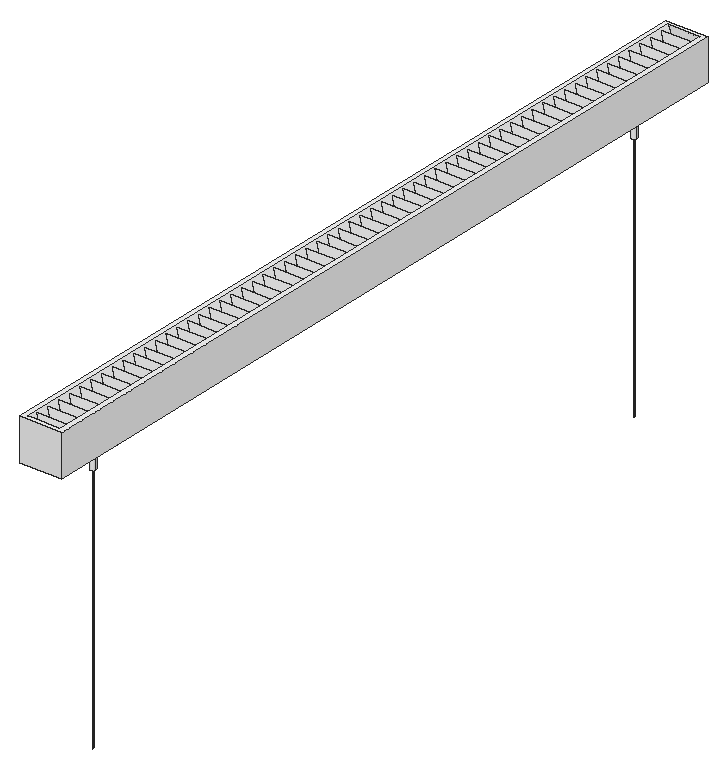
Revit family "Lighting_Pendants_Fagerhult_Notor-65-Beta-Opti_Face", category Lighting Fixtures, host Face, Revit 2016
Family settings
  Host = Face
  Part Type = Normal
  Round Connector Dimension = Use Diameter
  OmniClass Number = 23.80.70.11
  OmniClass Title = Luminaries for Internal Lighting
  Cut with Voids When Loaded = No
  Light Source = Yes
  Shared = No
  Room Calculation Point = No
Parameters (values of type "Reload with Family Catalog")
  Youtube clip = "https://vimeo.com/200646173"
  Width = 65.000 mm
  Weight Net (Kg) = "0"
  Weight (Kg) = 0
  Wattage = 9.2903 W
  built-in parameter 1150110 = 1 (stored number, unit not read)
  Voltage = 230 V
  Uniformat II Description = "Lighting & Branch Wiring"
  Uniformat II Code = "D5020"
  Uniclass 2015 Name = "Light-emitting diode (LED) lamps"
  Uniclass 2015 Code = "Pr_70_70_46_44"
  Uniclass 2.0 Description = "Luminaires And Lamps"
  Uniclass 2.0 Code = "PR-49"
  Uniclass 1.4 Description = "Luminaires and lamps"
  Uniclass 1.4 Code = "JY73"
  URL = "www.fagerhult.com"
  UNSPSC Code = "3911"
  built-in parameter 1114217 = 1 (stored number, unit not read)
  Tilt Angle = -90.00°
  built-in parameter 1150109 = 1 (stored number, unit not read)
  built-in parameter 1150134 = 3
  Technical description = "https://www.fagerhult.com/Products/notor/notor-65-beta-opti/"
  Sus Position [instance] = 100.000 mm
  Region South America = "AR"
  Region Oceania = "AS, AU, NZ"
  Region North America = "BB, GL, GT, US"
  Region Middle East = "AE, AF, BH, EG, IL, KW, LB, OM, QA, SA, TR"
  Region Europe = "AT, AX, BA, BE, BG, CH, CZ, DE, DK, EE, ES, FI, FO, FR, GB, GR, HR, HU, IE, IS, IT, LT, LU, LV, MT, NL, NO, PL, PT, RO, RU, SE, SI, SK, UA"
  Region Asia = "AM, CN, IN, JP, KR, LA, MO, MY, SG, TW"
  Region Antarctica = "None"
  Region Africa = "BF, ER, ET, NG, ZA"
  QR code = "http://bimobject.com/fagerhult/product/Notor-65-Beta-Opti"
  Product url = "https://www.fagerhult.com/Products/notor/notor-65-beta-opti/"
  Product group = "Pendant"
  Product family = "Indoor"
  Product data url = "https://bimobject.com/fagerhult/product/Notor-65-Beta-Opti"
  Product certification = ""
  Product SKU = "Notor-65-Beta-Opti"
  Product Guid = "13e7c37b-4238-40f4-9f30-5d6fe9a7ee4a"
  Photometric File Note = "The .IES files provided are sample files based on a few standard configurations.  Not all photometric configurations are available.   The actual data and values will vary depending on lens, color temperature and other options.  Please visit www.fagerhult.com for more defined photometric data."  # constant formula
  Pend. Height [instance] = if(Pendant Height < 65.000 mm, 65.000 mm, Pendant Height)  # 500.000 mm
  built-in parameter 1150113 = 1 (stored number, unit not read)
  Photometric Web File = "GENERIC - Please download and link the .IES file that best matches your fixture specification"
  Pendant Height [instance] = 500.000 mm
  OmniClass Description = "Lighting Fixtures"
  OmniClass Code = "23-35 47 11"
  Nr of Lamells = 59
  built-in parameter 1150142 = (empty or 0)
  Nominal width = 0.000 mm
  Nominal height = 0.000 mm
  NBS Reference Description = "Luminaires And Lamps"
  NBS Reference Code = "49"
  Model = "Notor 65 Beta Opti"
  Material secondary = "Acrylic"
  Material main = "Aluminium"
  Masterformat 2014 Description = "Interior Lighting Fixtures, Lamps, And Ballasts"
  Masterformat 2014 Code = "26 51 13"
  Manufacturer name = "Fagerhult"
  Manufacturer country = "Sweden"
  Manufacturer = "Fagerhult"
  built-in parameter 1150105 = 109.82 (stored number, unit not read)
  Lumens = 1380 lm
  built-in parameter 1150115 = 1 (stored number, unit not read)
  Louvre = Aluminium - Fagerhult - BetaOpti - Satin matt
  Load Classification = Lighting
  built-in parameter 1150137 = (empty or 0)
  built-in parameter 1150139 = (empty or 0)
  Length = 1267.000 mm
  built-in parameter 1150112 = 1 (stored number, unit not read)
  built-in parameter 1150114 = 1 (stored number, unit not read)
  Lamp = ""
  Lamells = if(Length > 2000.000 mm, 118, Nr of Lamells)  # 59
  Installation instructions = "https://www.fagerhult.com/globalassets/inriverresources/instructionforuse/notor65_instruction_for_use.pdf"
  built-in parameter 1150132 = (empty or 0)
  built-in parameter 1150102 = (empty or 0)
  built-in parameter 1150107 = 3200 (stored number, unit not read)
  built-in parameter 1150138 = (empty or 0)
  built-in parameter 1150106 = 1.0982 (stored number, unit not read)
  IP Code = "Reload with Family Catalog"
  IFC Classification = "Light Fixture"
  Height = 65.000 mm
  Emit from Line Length = 609.600 mm
  built-in parameter 1150104 = 13.8 (stored number, unit not read)
  Edition number = 1
  EAN_Code = "Reload with Family Catalog"
  EAN code = ""
  Dimming Lamp Color Temperature Shift = (empty or 0)
  Design country = "Sweden"
  Description = "Reload with Family Catalog"
  Default Elevation = 1219.200 mm
  Date of publishing = ""
  Color Rendering Index = "min. 80"
  Color Filter = 16777215
  Color = "Reload with Family Catalog"
  COBIe Type Category = ""
  Brand url = "http://www.fagerhult.com"
  Body = Aluminium - Fagerhult - White
  built-in parameter 1114218 = 1 (stored number, unit not read)
  BIMobject main category code = "lighting"
  BIMobject main category = "Lighting"
  BIMobject category code = "lighting-pendants"
  BIMobject category = "Pendants"
  built-in parameter 1150133 = 10 (stored number, unit not read)
  Assembly Code = "D5020230"
  Article Number = "Reload with Family Catalog"
  Apparent Load = 23 VA
Reference planes
  plane 1 "Center (Front/Back)": y = 0
  plane 2: z = 0
  plane 3 "Center (Left/Right)": x = 0
  plane 4: y = 633.5
  plane 5: y = -633.5
  plane 6 "riktning": z = 500
  plane 7 "Top back": z = 435
  plane 8 "Void 1": y = 627
  plane 9 "Void2": y = -627
  plane 10 "Void height": z = 473.811
  plane 11 "Void Width left": x = -25
  plane 12: x = 25
  plane 13 "Lamell": z = 480.967
  plane 14 "First lamell": y = -615.158
  plane 15 "Last lamell": y = 615.049
  plane 16 "Light Left": x = -8
  plane 17 "Light Right": x = 8
  plane 18: x = 32.5
  plane 19: x = -32.5
  plane 20: y = -533.5
  plane 21: y = 533.5
Forms (mm)
  Extrusion 1, solid, material "Aluminium - Fagerhult - White" <- "Body", detail levels medium+fine
    sketch origin (0, 0, 1998.584) x (-1, 0, 0) y (0, 0, -1)
      loop
        line (-32.5, 1563.584) -> (-32.5, 1498.584) -> (32.5, 1498.584) -> (32.5, 1563.584) -> (-32.5, 1563.584)
    from -633.5 to 633.5
  Extrusion 2, void, detail levels fine
    sketch origin (0, 0, 1107.5) x (-1, 0, 0) y (0, 0, -1)
      loop
        line (-25, 607.5) -> (-25, 606.084) -> (25, 606.084) -> (25, 607.5) -> (14.335, 633.689) -> (-14.335, 633.689) -> (-25, 607.5)
    from -627 to 627
  Extrusion 3, solid, detail levels fine
    sketch origin (0, 0, 473.811) x (-1, 0, 0) y (0, -1, 0)
      loop
        line (8, 627) -> (-8, 627) -> (-8, -627) -> (8, -627) -> (8, 627)
    from 0 to 1
  Extrusion 4, solid, detail levels coarse
    sketch origin (0, 0, 500) x (0, -1, 0) y (1, 0, 0)
      loop
        line (-633.5, -32.5) -> (633.5, -32.5) -> (633.5, 32.5) -> (-633.5, 32.5) -> (-633.5, -32.5)
    from -65 to 0
Cuts and joins
  Extrusion 2 cuts Extrusion 1
Lines and regions (mm)
  symbolic lines
    curve 1: line (70.711, -70.711, 500) -> (-70.711, 70.711, 500)
    curve 2: line (-70.711, -70.711, 500) -> (70.711, 70.711, 500)
Dimensions and locks
  equal spacing: plane 4, plane 1 "Center (Front/Back)", plane 5
  "Length": plane 4 to plane 5
  "Height": plane 6 "riktning" to plane 7 "Top back"
  "Pend. Height": plane 6 "riktning" to level
  locked: plane 5 to plane 9 "Void2" at 6.5
  locked: plane 8 "Void 1" to plane 4 at 6.5
  locked: plane 6 "riktning" to plane 10 "Void height" at 26.189
  locked: plane 13 "Lamell" to plane 10 "Void height" at 7.156
  equal spacing: group 1, group 3, group 4, group 5, group 6, group 7, group 8, group 9, group 10, group 11, group 12, group 13, group 14, group 15, group 16, group 17, group 18, group 19, group 20, group 21, group 22, group 23, group 24, group 25, group 26, group 27, group 28, group 29, group 30, group 31, group 32, group 33, group 34, group 35, group 36, group 37, group 38, group 39, group 40, group 41, group 42, group 43, group 44, group 45, group 46, group 47, group 48, group 49, group 50, group 51, group 52, group 53, group 54, group 55, group 56, group 57, group 58, group 59, group 2  (x3)
  locked: plane 5 to plane 14 "First lamell" at 18.342
  locked: plane 4 to plane 15 "Last lamell" at 18.451
  equal spacing: plane 16 "Light Left", plane 3 "Center (Left/Right)", plane 17 "Light Right"
  equal spacing: plane 19, plane 3 "Center (Left/Right)", plane 18
  "Width": plane 19 to plane 18
  "Sus Position": plane 5 to plane 20
  "Sus Position": plane 4 to plane 21
  aligned and locked: plane 2 to host face
  aligned and locked: level to host face
  aligned and locked: plane 4 to Extrusion 1
  aligned and locked: plane 5 to Extrusion 1
  aligned and locked: plane 8 "Void 1" to cut or joined group of Extrusion 1, Extrusion 2
  aligned and locked: cut or joined group of Extrusion 1, Extrusion 2 to plane 9 "Void2"
  aligned and locked: cut or joined group of Extrusion 1, Extrusion 2 to plane 7 "Top back"
  aligned and locked: plane 6 "riktning" to cut or joined group of Extrusion 1, Extrusion 2
  aligned and locked: plane 10 "Void height" to cut or joined group of Extrusion 1, Extrusion 2
  aligned and locked: plane 12 to cut or joined group of Extrusion 1, Extrusion 2
  aligned and locked: plane 11 "Void Width left" to cut or joined group of Extrusion 1, Extrusion 2
  aligned and locked: plane 14 "First lamell" to nested 1
  aligned and locked: nested 2 to plane 15 "Last lamell"
  aligned and locked: nested 1 to plane 13 "Lamell"
  aligned and locked: nested 2 to plane 13 "Lamell"
  aligned and locked: Extrusion 3 to plane 9 "Void2"
  aligned and locked: Extrusion 3 to plane 17 "Light Right"
  aligned and locked: Extrusion 3 to plane 16 "Light Left"
  aligned and locked: plane 8 "Void 1" to Extrusion 3
  aligned and locked: plane 18 to cut or joined group of Extrusion 1, Extrusion 2
  aligned and locked: plane 19 to cut or joined group of Extrusion 1, Extrusion 2
  aligned and locked: cut or joined group of Extrusion 1, Extrusion 2 to imposter light
  aligned and locked: plane 3 "Center (Left/Right)" to imposter light
  aligned and locked: plane 18 to Extrusion 4
  aligned and locked: plane 19 to Extrusion 4
  aligned and locked: plane 4 to Extrusion 4
  aligned and locked: plane 5 to Extrusion 4
  aligned and locked: plane 6 "riktning" to Extrusion 4
  aligned and locked: Extrusion 4 to plane 7 "Top back"
Automatic sketch dimensions
  host sketch curve to host sketch curve = 2438.400 mm  (x2)
  plane 6 "riktning" to Extrusion 1 sketch curve = 0.000 mm
  Extrusion 1 sketch curve to Extrusion 1 sketch curve = 65.000 mm
  plane 3 "Center (Left/Right)" to Extrusion 2 sketch curve = 14.335 mm
  Extrusion 2 sketch curve to plane 3 "Center (Left/Right)" = 14.335 mm
  plane 6 "riktning" to Extrusion 2 sketch curve = 1.416 mm
  Extrusion 2 sketch curve to Extrusion 2 sketch curve = 1.416 mm  (x2)
  Extrusion 2 sketch curve to Extrusion 2 sketch curve = 26.189 mm
  Extrusion 3 sketch curve to plane 9 "Void2" = 0.000 mm
  Extrusion 3 sketch curve to plane 17 "Light Right" = 0.000 mm
  Extrusion 3 sketch curve to plane 8 "Void 1" = 0.000 mm
  Extrusion 3 sketch curve to plane 16 "Light Left" = 0.000 mm
  Extrusion 1 sketch curve to plane 18 = 0.000 mm
  Extrusion 2 sketch curve to plane 12 = 0.000 mm
  plane 19 to Extrusion 1 sketch curve = 0.000 mm
  Extrusion 2 sketch curve to plane 11 "Void Width left" = 0.000 mm
  curve 1 to plane 1 "Center (Front/Back)" = 70.711 mm
  plane 19 to curve 1 = 38.211 mm
  curve 2 to plane 1 "Center (Front/Back)" = 70.711 mm
  plane 1 "Center (Front/Back)" to curve 2 = 70.711 mm
  plane 1 "Center (Front/Back)" to curve 1 = 70.711 mm
  plane 19 to curve 2 = 38.211 mm
  plane 18 to curve 2 = 38.211 mm
  plane 18 to curve 1 = 38.211 mm
  Extrusion 4 sketch curve to plane 4 = 0.000 mm
  plane 5 to Extrusion 4 sketch curve = 0.000 mm
  Extrusion 4 sketch curve to plane 19 = 0.000 mm
  Extrusion 4 sketch curve to plane 18 = 0.000 mm
Nested families
  nested 1: "Lamell" at (0, -615.158, 480.967), type "Lamell", detail levels fine
  nested 2: "Lamell" at (0, 609.049, 480.967), type "Lamell", detail levels fine
  nested 3: "Lamell" at (0, -594.051, 480.967), type "Lamell", detail levels fine
  nested 4: "Lamell" at (0, -572.944, 480.967), type "Lamell", detail levels fine
  nested 5: "Lamell" at (0, -551.837, 480.967), type "Lamell", detail levels fine
  nested 6: "Lamell" at (0, -530.73, 480.967), type "Lamell", detail levels fine
  nested 7: "Lamell" at (0, -509.623, 480.967), type "Lamell", detail levels fine
  nested 8: "Lamell" at (0, -488.516, 480.967), type "Lamell", detail levels fine
  nested 9: "Lamell" at (0, -467.409, 480.967), type "Lamell", detail levels fine
  nested 10: "Lamell" at (0, -446.302, 480.967), type "Lamell", detail levels fine
  nested 11: "Lamell" at (0, -425.195, 480.967), type "Lamell", detail levels fine
  nested 12: "Lamell" at (0, -404.088, 480.967), type "Lamell", detail levels fine
  nested 13: "Lamell" at (0, -382.981, 480.967), type "Lamell", detail levels fine
  nested 14: "Lamell" at (0, -361.874, 480.967), type "Lamell", detail levels fine
  nested 15: "Lamell" at (0, -340.767, 480.967), type "Lamell", detail levels fine
  nested 16: "Lamell" at (0, -319.659, 480.967), type "Lamell", detail levels fine
  nested 17: "Lamell" at (0, -298.552, 480.967), type "Lamell", detail levels fine
  nested 18: "Lamell" at (0, -277.445, 480.967), type "Lamell", detail levels fine
  nested 19: "Lamell" at (0, -256.338, 480.967), type "Lamell", detail levels fine
  nested 20: "Lamell" at (0, -235.231, 480.967), type "Lamell", detail levels fine
  nested 21: "Lamell" at (0, -214.124, 480.967), type "Lamell", detail levels fine
  nested 22: "Lamell" at (0, -193.017, 480.967), type "Lamell", detail levels fine
  nested 23: "Lamell" at (0, -171.91, 480.967), type "Lamell", detail levels fine
  nested 24: "Lamell" at (0, -150.803, 480.967), type "Lamell", detail levels fine
  nested 25: "Lamell" at (0, -129.696, 480.967), type "Lamell", detail levels fine
  nested 26: "Lamell" at (0, -108.589, 480.967), type "Lamell", detail levels fine
  nested 27: "Lamell" at (0, -87.482, 480.967), type "Lamell", detail levels fine
  nested 28: "Lamell" at (0, -66.375, 480.967), type "Lamell", detail levels fine
  nested 29: "Lamell" at (0, -45.268, 480.967), type "Lamell", detail levels fine
  nested 30: "Lamell" at (0, -24.161, 480.967), type "Lamell", detail levels fine
  nested 31: "Lamell" at (0, -3.054, 480.967), type "Lamell", detail levels fine
  nested 32: "Lamell" at (0, 18.053, 480.967), type "Lamell", detail levels fine
  nested 33: "Lamell" at (0, 39.16, 480.967), type "Lamell", detail levels fine
  nested 34: "Lamell" at (0, 60.267, 480.967), type "Lamell", detail levels fine
  nested 35: "Lamell" at (0, 81.374, 480.967), type "Lamell", detail levels fine
  nested 36: "Lamell" at (0, 102.481, 480.967), type "Lamell", detail levels fine
  nested 37: "Lamell" at (0, 123.588, 480.967), type "Lamell", detail levels fine
  nested 38: "Lamell" at (0, 144.695, 480.967), type "Lamell", detail levels fine
  nested 39: "Lamell" at (0, 165.802, 480.967), type "Lamell", detail levels fine
  nested 40: "Lamell" at (0, 186.909, 480.967), type "Lamell", detail levels fine
  nested 41: "Lamell" at (0, 208.016, 480.967), type "Lamell", detail levels fine
  nested 42: "Lamell" at (0, 229.123, 480.967), type "Lamell", detail levels fine
  nested 43: "Lamell" at (0, 250.23, 480.967), type "Lamell", detail levels fine
  nested 44: "Lamell" at (0, 271.337, 480.967), type "Lamell", detail levels fine
  nested 45: "Lamell" at (0, 292.444, 480.967), type "Lamell", detail levels fine
  nested 46: "Lamell" at (0, 313.551, 480.967), type "Lamell", detail levels fine
  nested 47: "Lamell" at (0, 334.658, 480.967), type "Lamell", detail levels fine
  nested 48: "Lamell" at (0, 355.765, 480.967), type "Lamell", detail levels fine
  nested 49: "Lamell" at (0, 376.872, 480.967), type "Lamell", detail levels fine
  nested 50: "Lamell" at (0, 397.979, 480.967), type "Lamell", detail levels fine
  nested 51: "Lamell" at (0, 419.086, 480.967), type "Lamell", detail levels fine
  nested 52: "Lamell" at (0, 440.193, 480.967), type "Lamell", detail levels fine
  nested 53: "Lamell" at (0, 461.3, 480.967), type "Lamell", detail levels fine
  nested 54: "Lamell" at (0, 482.407, 480.967), type "Lamell", detail levels fine
  nested 55: "Lamell" at (0, 503.514, 480.967), type "Lamell", detail levels fine
  nested 56: "Lamell" at (0, 524.621, 480.967), type "Lamell", detail levels fine
  nested 57: "Lamell" at (0, 545.728, 480.967), type "Lamell", detail levels fine
  nested 58: "Lamell" at (0, 566.835, 480.967), type "Lamell", detail levels fine
  nested 59: "Lamell" at (0, 587.942, 480.967), type "Lamell", detail levels fine
  nested 60: "Fittings" at (0, 319.603, 0) x (0, -1, 0) z (0, 0, 1), Susp Height <- "Pend. Height", type "Fittings", detail levels fine
    with Susp Height 500.000 mm
  nested 61: "Fittings" at (0, 1380.397, 0) x (0, -1, 0) z (0, 0, 1), Susp Height <- "Pend. Height", type "Fittings", detail levels fine
    with Susp Height 500.000 mm
Connectors
  electrical at (0, 0, 435), driven by "Apparent Load", driven by "Load Classification", driven by "Voltage", driven by "Model"
    settings: index 1, voltage 230 V, apparent load 0 VA, apparent load phase1 23 VA, apparent load phase2 0 VA, apparent load phase3 0 VA, power factor 1, load classification "Lighting", number of poles 1, system type 31, power factor state 1, is connector primary yes, connector utility no, sub classification motor no, connector description "Notor 65 Beta Opti"
Definition of nested family "Lamell"
  Parameters (values of type "Lamell")
    Width = 50.000 mm
    Body = none
  Reference planes
    plane 1 "Center (Front/Back)": y = 0
    plane 2: z = 0
    plane 3 "Center (Left/Right)": x = 0
    plane 4 "Left": x = -25
    plane 5 "Right": x = 25
  Forms (mm)
    Extrusion 1, solid, material <- "Body", detail levels fine
      sketch origin (0, 0, 0) x (0, 1, 0) y (0, 0, 1)
        loop
          line (0, 0) -> (6, 0) -> (3, 17.841) -> (0, 0)
      from -25 to 25
  Dimensions and locks
    equal spacing: plane 4 "Left", plane 3 "Center (Left/Right)", plane 5 "Right"
    "Width": plane 4 "Left" to plane 5 "Right"
    aligned and locked: level to plane 2
    aligned and locked: plane 4 "Left" to Extrusion 1
    aligned and locked: Extrusion 1 to plane 5 "Right"
  Automatic sketch dimensions
    Extrusion 1 sketch curve to level = 0.000 mm
    Extrusion 1 sketch curve to plane 1 "Center (Front/Back)" = 0.000 mm
    Extrusion 1 sketch curve to plane 1 "Center (Front/Back)" = 3.000 mm
    level to Extrusion 1 sketch curve = 17.841 mm
    Extrusion 1 sketch curve to Extrusion 1 sketch curve = 6.000 mm
Definition of nested family "Fittings"
  Parameters (values of type "White")
    Susp Height [instance] = 700.000 mm
    Body = none
  Types (2): name
    Anodised
    White
  Reference planes
    plane 1 "Center (Front/Back)": y = 0
    plane 2: z = 0
    plane 3 "Center (Left/Right)": x = 0
    plane 4: z = 635
    plane 5: z = 592.171
    plane 6: z = 614.883
    plane 7: z = 700
  Forms (mm)
    Extrusion 1, solid, material <- "Body", detail levels medium+fine
      sketch origin (0, -0.91, 72.655) x (0, 1, 0) y (0, 0, 1)
        loop
          line (30.876, 562.345) -> (26.814, 562.345) -> (25.17, 559.826) -> (6.711, 545.266) -> (-2.899, 545.266)
          arc (-2.899, 545.266) -> (-4.417, 543.747) -> (-2.899, 542.229) r 1.519
          line (-2.899, 542.229) -> (7.645, 542.229) -> (30.876, 559.647) -> (30.876, 562.345)
      from 839 to 861
    Extrusion 2, solid, material <- "Body", detail levels medium+fine
      sketch origin (842.567, 439.397, 72.655) x (0, -1, 0) y (1, 0, 0)
        loop
          circle (439.397, 7.433) r 3.8
      from 519.517 to 542.229
    Extrusion 3, solid, detail levels medium+fine
      sketch origin (838.849, 454.67, 72.655) x (0, -1, 0) y (1, 0, 0)
        loop
          circle (454.67, 11.151) r 0.8
      from -72.655 to 519.517
  Dimensions and locks
    plane 4 to plane 6 = 20.117 mm
    plane 6 to plane 5 = 22.712 mm
    "Susp Height": plane 7 to plane 2
    locked: plane 7 to plane 4 at 65
    aligned and locked: level to plane 2
    aligned and locked: Extrusion 3 to plane 2
    aligned and locked: plane 4 to Extrusion 1
    aligned and locked: Extrusion 2 to Extrusion 3
    aligned and locked: plane 6 to Extrusion 1
    aligned and locked: Extrusion 2 to plane 5
    aligned and locked: Extrusion 2 to Extrusion 1
    aligned and locked: plane 6 to Extrusion 2
  Automatic sketch dimensions
    Extrusion 1 sketch curve to plane 6 = 0.000 mm
    Extrusion 1 sketch curve to plane 4 = 0.000 mm
    plane 1 "Center (Front/Back)" to Extrusion 1 sketch curve = 3.809 mm
    Extrusion 1 sketch curve to plane 1 "Center (Front/Back)" = 5.801 mm
    Extrusion 1 sketch curve to Extrusion 1 sketch curve = 0.934 mm
    Extrusion 1 sketch curve to plane 4 = 2.520 mm
    Extrusion 1 sketch curve to Extrusion 1 sketch curve = 18.459 mm
    Extrusion 1 sketch curve to Extrusion 1 sketch curve = 1.644 mm
    Extrusion 1 sketch curve to Extrusion 1 sketch curve = 4.062 mm
    Extrusion 1 sketch curve to Extrusion 1 sketch curve = 1.519 mm
    Extrusion 1 sketch curve to plane 4 = 2.699 mm
    plane 1 "Center (Front/Back)" to Extrusion 2 sketch curve = 0.000 mm
    plane 3 "Center (Left/Right)" to Extrusion 2 sketch curve = 850.000 mm
    plane 1 "Center (Front/Back)" to Extrusion 3 sketch curve = 0.000 mm
    plane 3 "Center (Left/Right)" to Extrusion 3 sketch curve = 850.000 mm
    radius of Extrusion 2 sketch curve = 3.800 mm
    radius of Extrusion 3 sketch curve = 0.800 mm
Types in the file's own list only (96): name | Weight (Kg) | Length | Lamells | IP Code | EAN_Code | Description | Color | Body | Article Number | Apparent Load
  NOTOR65 BETAOPTI SURF PEND 1200 D LL 830 ALU START/SINGLE_13300-402 | 3 | 1267.000 mm | 59 | "20" | "7320046630874" | "Suspended or ceiling-mounted workplace luminaire with direct or direct/indirect light. Beta Opti louvres provide high efficiency and optimal lighting comfort. Single or continuous installation." | "Anodised" | Aluminium - Fagerhult - Anodised | "13300-402" | 19 VA
  NOTOR65 BETAOPTI SURF PEND 1200 D LL 830 ALU START/SINGLE_13300-442 | 3 | 1328.000 mm | 59 | "20" | "7320046630911" | "Suspended or ceiling-mounted workplace luminaire with direct or direct/indirect light. Beta Opti louvres provide high efficiency and optimal lighting comfort. Single or continuous installation." | "Anodised" | Aluminium - Fagerhult - Anodised | "13300-442" | 19 VA
  NOTOR65 BETAOPTI SURF PEND 1200 D LL 830 ALU START/SINGLE_13300-449 | 3 | 1328.000 mm | 59 | "20" | "7320046630898" | "Suspended or ceiling-mounted workplace luminaire with direct or direct/indirect light. Beta Opti louvres provide high efficiency and optimal lighting comfort. Single or continuous installation." | "Anodised" | Aluminium - Fagerhult - Anodised | "13300-449" | 19 VA
  NOTOR65 BETAOPTI SURF PEND 1200 D HL 830 ALU START/SINGLE_13301-402 | 3 | 1267.000 mm | 59 | "20" | "7320046630959" | "Suspended or ceiling-mounted workplace luminaire with direct or direct/indirect light. Beta Opti louvres provide high efficiency and optimal lighting comfort. Single or continuous installation." | "Anodised" | Aluminium - Fagerhult - Anodised | "13301-402" | 29 VA
  NOTOR65 BETAOPTI SURF PEND 1200 D HL 830 ALU START/SINGLE_13301-442 | 3 | 1328.000 mm | 59 | "20" | "7320046630997" | "Suspended or ceiling-mounted workplace luminaire with direct or direct/indirect light. Beta Opti louvres provide high efficiency and optimal lighting comfort. Single or continuous installation." | "Anodised" | Aluminium - Fagerhult - Anodised | "13301-442" | 29 VA
  NOTOR65 BETAOPTI SURF PEND 1200 D HL 830 ALU START/SINGLE_13301-449 | 3 | 1328.000 mm | 59 | "20" | "7320046630973" | "Suspended or ceiling-mounted workplace luminaire with direct or direct/indirect light. Beta Opti louvres provide high efficiency and optimal lighting comfort. Single or continuous installation." | "Anodised" | Aluminium - Fagerhult - Anodised | "13301-449" | 29 VA
  NOTOR65 BETAOPTI SURF PEND 1200 D LL 840 ALU START/SINGLE_13302-402 | 3 | 1267.000 mm | 59 | "20" | "7320046631031" | "Suspended or ceiling-mounted workplace luminaire with direct or direct/indirect light. Beta Opti louvres provide high efficiency and optimal lighting comfort. Single or continuous installation." | "Anodised" | Aluminium - Fagerhult - Anodised | "13302-402" | 19 VA
  NOTOR65 BETAOPTI SURF PEND 1200 D LL 840 ALU START/SINGLE_13302-442 | 3 | 1328.000 mm | 59 | "20" | "7320046631079" | "Suspended or ceiling-mounted workplace luminaire with direct or direct/indirect light. Beta Opti louvres provide high efficiency and optimal lighting comfort. Single or continuous installation." | "Anodised" | Aluminium - Fagerhult - Anodised | "13302-442" | 19 VA
  NOTOR65 BETAOPTI SURF PEND 1200 D LL 840 ALU START/SINGLE_13302-449 | 3 | 1328.000 mm | 59 | "20" | "7320046631055" | "Suspended or ceiling-mounted workplace luminaire with direct or direct/indirect light. Beta Opti louvres provide high efficiency and optimal lighting comfort. Single or continuous installation." | "Anodised" | Aluminium - Fagerhult - Anodised | "13302-449" | 19 VA
  NOTOR65 BETAOPTI SURF PEND 1200 D HL 840 ALU START/SINGLE_13303-402 | 3 | 1267.000 mm | 59 | "20" | "7320046631116" | "Suspended or ceiling-mounted workplace luminaire with direct or direct/indirect light. Beta Opti louvres provide high efficiency and optimal lighting comfort. Single or continuous installation." | "Anodised" | Aluminium - Fagerhult - Anodised | "13303-402" | 29 VA
  NOTOR65 BETAOPTI SURF PEND 1200 D HL 840 ALU START/SINGLE_13303-442 | 3 | 1328.000 mm | 59 | "20" | "7320046631154" | "Suspended or ceiling-mounted workplace luminaire with direct or direct/indirect light. Beta Opti louvres provide high efficiency and optimal lighting comfort. Single or continuous installation." | "Anodised" | Aluminium - Fagerhult - Anodised | "13303-442" | 29 VA
  NOTOR65 BETAOPTI SURF PEND 1200 D HL 840 ALU START/SINGLE_13303-449 | 3 | 1328.000 mm | 59 | "20" | "7320046631130" | "Suspended or ceiling-mounted workplace luminaire with direct or direct/indirect light. Beta Opti louvres provide high efficiency and optimal lighting comfort. Single or continuous installation." | "Anodised" | Aluminium - Fagerhult - Anodised | "13303-449" | 29 VA
  NOTOR65 BETAOPTI SURF PEND 1200 D LL 830 WHT START/SINGLE_13304-402 | 3 | 1267.000 mm | 59 | "20" | "7320046631192" | "Suspended or ceiling-mounted workplace luminaire with direct or direct/indirect light. Beta Opti louvres provide high efficiency and optimal lighting comfort. Single or continuous installation." | "White" | Aluminium - Fagerhult - White | "13304-402" | 19 VA
  NOTOR65 BETAOPTI SURF PEND 1200 D LL 830 WHT START/SINGLE_13304-442 | 3 | 1328.000 mm | 59 | "20" | "7320046631239" | "Suspended or ceiling-mounted workplace luminaire with direct or direct/indirect light. Beta Opti louvres provide high efficiency and optimal lighting comfort. Single or continuous installation." | "White" | Aluminium - Fagerhult - White | "13304-442" | 19 VA
  NOTOR65 BETAOPTI SURF PEND 1200 D LL 830 WHT START/SINGLE_13304-449 | 3 | 1328.000 mm | 59 | "20" | "7320046631215" | "Suspended or ceiling-mounted workplace luminaire with direct or direct/indirect light. Beta Opti louvres provide high efficiency and optimal lighting comfort. Single or continuous installation." | "White" | Aluminium - Fagerhult - White | "13304-449" | 19 VA
  NOTOR65 BETAOPTI SURF PEND 1200 D HL 830 WHT START/SINGLE_13305-402 | 3 | 1267.000 mm | 59 | "20" | "7320046631277" | "Suspended or ceiling-mounted workplace luminaire with direct or direct/indirect light. Beta Opti louvres provide high efficiency and optimal lighting comfort. Single or continuous installation." | "White" | Aluminium - Fagerhult - White | "13305-402" | 29 VA
  NOTOR65 BETAOPTI SURF PEND 1200 D HL 830 WHT START/SINGLE_13305-442 | 3 | 1328.000 mm | 59 | "20" | "7320046631314" | "Suspended or ceiling-mounted workplace luminaire with direct or direct/indirect light. Beta Opti louvres provide high efficiency and optimal lighting comfort. Single or continuous installation." | "White" | Aluminium - Fagerhult - White | "13305-442" | 29 VA
  NOTOR65 BETAOPTI SURF PEND 1200 D HL 830 WHT START/SINGLE_13305-449 | 3 | 1328.000 mm | 59 | "20" | "7320046631291" | "Suspended or ceiling-mounted workplace luminaire with direct or direct/indirect light. Beta Opti louvres provide high efficiency and optimal lighting comfort. Single or continuous installation." | "White" | Aluminium - Fagerhult - White | "13305-449" | 29 VA
  NOTOR65 BETAOPTI SURF PEND 1200 D LL 840 WHT START/SINGLE_13306-402 | 3 | 1267.000 mm | 59 | "20" | "7320046631352" | "Suspended or ceiling-mounted workplace luminaire with direct or direct/indirect light. Beta Opti louvres provide high efficiency and optimal lighting comfort. Single or continuous installation." | "White" | Aluminium - Fagerhult - White | "13306-402" | 19 VA
  NOTOR65 BETAOPTI SURF PEND 1200 D LL 840 WHT START/SINGLE_13306-442 | 3 | 1328.000 mm | 59 | "20" | "7320046631390" | "Suspended or ceiling-mounted workplace luminaire with direct or direct/indirect light. Beta Opti louvres provide high efficiency and optimal lighting comfort. Single or continuous installation." | "White" | Aluminium - Fagerhult - White | "13306-442" | 19 VA
  NOTOR65 BETAOPTI SURF PEND 1200 D LL 840 WHT START/SINGLE_13306-449 | 3 | 1328.000 mm | 59 | "20" | "7320046631376" | "Suspended or ceiling-mounted workplace luminaire with direct or direct/indirect light. Beta Opti louvres provide high efficiency and optimal lighting comfort. Single or continuous installation." | "White" | Aluminium - Fagerhult - White | "13306-449" | 19 VA
  NOTOR65 BETAOPTI SURF PEND 1200 D HL 840 WHT START/SINGLE_13307-402 | 3 | 1267.000 mm | 59 | "20" | "7320046631437" | "Suspended or ceiling-mounted workplace luminaire with direct or direct/indirect light. Beta Opti louvres provide high efficiency and optimal lighting comfort. Single or continuous installation." | "White" | Aluminium - Fagerhult - White | "13307-402" | 29 VA
  NOTOR65 BETAOPTI SURF PEND 1200 D HL 840 WHT START/SINGLE_13307-442 | 3 | 1328.000 mm | 59 | "20" | "7320046631475" | "Suspended or ceiling-mounted workplace luminaire with direct or direct/indirect light. Beta Opti louvres provide high efficiency and optimal lighting comfort. Single or continuous installation." | "White" | Aluminium - Fagerhult - White | "13307-442" | 29 VA
  NOTOR65 BETAOPTI SURF PEND 1200 D HL 840 WHT START/SINGLE_13307-449 | 3 | 1328.000 mm | 59 | "20" | "7320046631451" | "Suspended or ceiling-mounted workplace luminaire with direct or direct/indirect light. Beta Opti louvres provide high efficiency and optimal lighting comfort. Single or continuous installation." | "White" | Aluminium - Fagerhult - White | "13307-449" | 29 VA
  NOTOR65 BETAOPTI SURF PEND 1200 DI LL 830 ALU START/SINGLE_13308-402 | 3 | 1267.000 mm | 59 | "20" | "7320046631512" | "Suspended or ceiling-mounted workplace luminaire with direct or direct/indirect light. Beta Opti louvres provide high efficiency and optimal lighting comfort. Single or continuous installation." | "Anodised" | Aluminium - Fagerhult - Anodised | "13308-402" | 37 VA
  NOTOR65 BETAOPTI SURF PEND 1200 DI LL 830 ALU START/SINGLE_13308-442 | 3 | 1328.000 mm | 59 | "20" | "7320046631550" | "Suspended or ceiling-mounted workplace luminaire with direct or direct/indirect light. Beta Opti louvres provide high efficiency and optimal lighting comfort. Single or continuous installation." | "Anodised" | Aluminium - Fagerhult - Anodised | "13308-442" | 37 VA
  NOTOR65 BETAOPTI SURF PEND 1200 DI LL 830 ALU START/SINGLE_13308-449 | 3 | 1328.000 mm | 59 | "20" | "7320046631536" | "Suspended or ceiling-mounted workplace luminaire with direct or direct/indirect light. Beta Opti louvres provide high efficiency and optimal lighting comfort. Single or continuous installation." | "Anodised" | Aluminium - Fagerhult - Anodised | "13308-449" | 37 VA
  NOTOR65 BETAOPTI SURF PEND 1200 DI HL 830 ALU START/SINGLE_13309-402 | 3 | 1267.000 mm | 59 | "20" | "7320046631598" | "Suspended or ceiling-mounted workplace luminaire with direct or direct/indirect light. Beta Opti louvres provide high efficiency and optimal lighting comfort. Single or continuous installation." | "Anodised" | Aluminium - Fagerhult - Anodised | "13309-402" | 46 VA
  NOTOR65 BETAOPTI SURF PEND 1200 DI HL 830 ALU START/SINGLE_13309-442 | 3 | 1328.000 mm | 59 | "20" | "7320046631635" | "Suspended or ceiling-mounted workplace luminaire with direct or direct/indirect light. Beta Opti louvres provide high efficiency and optimal lighting comfort. Single or continuous installation." | "Anodised" | Aluminium - Fagerhult - Anodised | "13309-442" | 46 VA
  NOTOR65 BETAOPTI SURF PEND 1200 DI HL 830 ALU START/SINGLE_13309-449 | 3 | 1328.000 mm | 59 | "20" | "7320046631611" | "Suspended or ceiling-mounted workplace luminaire with direct or direct/indirect light. Beta Opti louvres provide high efficiency and optimal lighting comfort. Single or continuous installation." | "Anodised" | Aluminium - Fagerhult - Anodised | "13309-449" | 46 VA
  NOTOR65 BETAOPTI SURF PEND 1200 DI LL 840 ALU START/SINGLE_13310-402 | 3 | 1267.000 mm | 59 | "20" | "7320046631673" | "Suspended or ceiling-mounted workplace luminaire with direct or direct/indirect light. Beta Opti louvres provide high efficiency and optimal lighting comfort. Single or continuous installation." | "Anodised" | Aluminium - Fagerhult - Anodised | "13310-402" | 37 VA
  NOTOR65 BETAOPTI SURF PEND 1200 DI LL 840 ALU START/SINGLE_13310-442 | 3 | 1328.000 mm | 59 | "20" | "7320046631710" | "Suspended or ceiling-mounted workplace luminaire with direct or direct/indirect light. Beta Opti louvres provide high efficiency and optimal lighting comfort. Single or continuous installation." | "Anodised" | Aluminium - Fagerhult - Anodised | "13310-442" | 37 VA
  NOTOR65 BETAOPTI SURF PEND 1200 DI LL 840 ALU START/SINGLE_13310-449 | 3 | 1328.000 mm | 59 | "20" | "7320046631697" | "Suspended or ceiling-mounted workplace luminaire with direct or direct/indirect light. Beta Opti louvres provide high efficiency and optimal lighting comfort. Single or continuous installation." | "Anodised" | Aluminium - Fagerhult - Anodised | "13310-449" | 37 VA
  NOTOR65 BETAOPTI SURF PEND 1200 DI HL 840 ALU START/SINGLE_13311-402 | 3 | 1267.000 mm | 59 | "20" | "7320046631758" | "Suspended or ceiling-mounted workplace luminaire with direct or direct/indirect light. Beta Opti louvres provide high efficiency and optimal lighting comfort. Single or continuous installation." | "Anodised" | Aluminium - Fagerhult - Anodised | "13311-402" | 46 VA
  NOTOR65 BETAOPTI SURF PEND 1200 DI HL 840 ALU START/SINGLE_13311-442 | 3 | 1328.000 mm | 59 | "20" | "7320046631796" | "Suspended or ceiling-mounted workplace luminaire with direct or direct/indirect light. Beta Opti louvres provide high efficiency and optimal lighting comfort. Single or continuous installation." | "Anodised" | Aluminium - Fagerhult - Anodised | "13311-442" | 46 VA
  NOTOR65 BETAOPTI SURF PEND 1200 DI HL 840 ALU START/SINGLE_13311-449 | 3 | 1328.000 mm | 59 | "20" | "7320046631772" | "Suspended or ceiling-mounted workplace luminaire with direct or direct/indirect light. Beta Opti louvres provide high efficiency and optimal lighting comfort. Single or continuous installation." | "Anodised" | Aluminium - Fagerhult - Anodised | "13311-449" | 46 VA
  NOTOR65 BETAOPTI SURF PEND 1200 DI LL 830 WHT START/SINGLE_13312-402 | 3 | 1267.000 mm | 59 | "20" | "7320046631833" | "Suspended or ceiling-mounted workplace luminaire with direct or direct/indirect light. Beta Opti louvres provide high efficiency and optimal lighting comfort. Single or continuous installation." | "White" | Aluminium - Fagerhult - White | "13312-402" | 37 VA
  NOTOR65 BETAOPTI SURF PEND 1200 DI LL 830 WHT START/SINGLE_13312-442 | 3 | 1328.000 mm | 59 | "20" | "7320046631871" | "Suspended or ceiling-mounted workplace luminaire with direct or direct/indirect light. Beta Opti louvres provide high efficiency and optimal lighting comfort. Single or continuous installation." | "White" | Aluminium - Fagerhult - White | "13312-442" | 37 VA
  NOTOR65 BETAOPTI SURF PEND 1200 DI LL 830 WHT START/SINGLE_13312-449 | 3 | 1328.000 mm | 59 | "20" | "7320046631857" | "Suspended or ceiling-mounted workplace luminaire with direct or direct/indirect light. Beta Opti louvres provide high efficiency and optimal lighting comfort. Single or continuous installation." | "White" | Aluminium - Fagerhult - White | "13312-449" | 37 VA
  NOTOR65 BETAOPTI SURF PEND 1200 DI HL 830 WHT START/SINGLE_13313-402 | 3 | 1267.000 mm | 59 | "20" | "7320046631918" | "Suspended or ceiling-mounted workplace luminaire with direct or direct/indirect light. Beta Opti louvres provide high efficiency and optimal lighting comfort. Single or continuous installation." | "White" | Aluminium - Fagerhult - White | "13313-402" | 46 VA
  NOTOR65 BETAOPTI SURF PEND 1200 DI HL 830 WHT START/SINGLE_13313-442 | 3 | 1328.000 mm | 59 | "20" | "7320046631956" | "Suspended or ceiling-mounted workplace luminaire with direct or direct/indirect light. Beta Opti louvres provide high efficiency and optimal lighting comfort. Single or continuous installation." | "White" | Aluminium - Fagerhult - White | "13313-442" | 46 VA
  NOTOR65 BETAOPTI SURF PEND 1200 DI HL 830 WHT START/SINGLE_13313-449 | 3 | 1328.000 mm | 59 | "20" | "7320046631932" | "Suspended or ceiling-mounted workplace luminaire with direct or direct/indirect light. Beta Opti louvres provide high efficiency and optimal lighting comfort. Single or continuous installation." | "White" | Aluminium - Fagerhult - White | "13313-449" | 46 VA
  NOTOR65 BETAOPTI SURF PEND 1200 DI LL 840 WHT START/SINGLE_13314-402 | 3 | 1267.000 mm | 59 | "20" | "7320046631994" | "Suspended or ceiling-mounted workplace luminaire with direct or direct/indirect light. Beta Opti louvres provide high efficiency and optimal lighting comfort. Single or continuous installation." | "White" | Aluminium - Fagerhult - White | "13314-402" | 37 VA
  NOTOR65 BETAOPTI SURF PEND 1200 DI LL 840 WHT START/SINGLE_13314-442 | 3 | 1328.000 mm | 59 | "20" | "7320046632038" | "Suspended or ceiling-mounted workplace luminaire with direct or direct/indirect light. Beta Opti louvres provide high efficiency and optimal lighting comfort. Single or continuous installation." | "White" | Aluminium - Fagerhult - White | "13314-442" | 37 VA
  NOTOR65 BETAOPTI SURF PEND 1200 DI LL 840 WHT START/SINGLE_13314-449 | 3 | 1328.000 mm | 59 | "20" | "7320046632014" | "Suspended or ceiling-mounted workplace luminaire with direct or direct/indirect light. Beta Opti louvres provide high efficiency and optimal lighting comfort. Single or continuous installation." | "White" | Aluminium - Fagerhult - White | "13314-449" | 37 VA
  NOTOR65 BETAOPTI SURF PEND 1200 DI HL 840 WHT START/SINGLE_13315-402 | 3 | 1267.000 mm | 59 | "20" | "7320046632076" | "Suspended or ceiling-mounted workplace luminaire with direct or direct/indirect light. Beta Opti louvres provide high efficiency and optimal lighting comfort. Single or continuous installation." | "White" | Aluminium - Fagerhult - White | "13315-402" | 46 VA
  NOTOR65 BETAOPTI SURF PEND 1200 DI HL 840 WHT START/SINGLE_13315-442 | 3 | 1328.000 mm | 59 | "20" | "7320046632113" | "Suspended or ceiling-mounted workplace luminaire with direct or direct/indirect light. Beta Opti louvres provide high efficiency and optimal lighting comfort. Single or continuous installation." | "White" | Aluminium - Fagerhult - White | "13315-442" | 46 VA
  NOTOR65 BETAOPTI SURF PEND 1200 DI HL 840 WHT START/SINGLE_13315-449 | 3 | 1328.000 mm | 59 | "20" | "7320046632090" | "Suspended or ceiling-mounted workplace luminaire with direct or direct/indirect light. Beta Opti louvres provide high efficiency and optimal lighting comfort. Single or continuous installation." | "White" | Aluminium - Fagerhult - White | "13315-449" | 46 VA
  NOTOR65 BETAOPTI SURF PEND 2400 D LL 830 ALU START/SINGLE_13316-402 | 6 | 2527.000 mm | 118 | "20" | "7320046632151" | "Suspended or ceiling-mounted workplace luminaire with direct or direct/indirect light. Beta Opti louvres provide high efficiency and optimal lighting comfort. Single or continuous installation." | "Anodised" | Aluminium - Fagerhult - Anodised | "13316-402" | 34 VA
  NOTOR65 BETAOPTI SURF PEND 2400 D HL 830 ALU START/SINGLE_13317-402 | 6 | 2527.000 mm | 118 | "20" | "7320046632199" | "Suspended or ceiling-mounted workplace luminaire with direct or direct/indirect light. Beta Opti louvres provide high efficiency and optimal lighting comfort. Single or continuous installation." | "Anodised" | Aluminium - Fagerhult - Anodised | "13317-402" | 54 VA
  NOTOR65 BETAOPTI SURF PEND 2400 D LL 840 ALU START/SINGLE_13318-402 | 6 | 2527.000 mm | 118 | "20" | "7320046632236" | "Suspended or ceiling-mounted workplace luminaire with direct or direct/indirect light. Beta Opti louvres provide high efficiency and optimal lighting comfort. Single or continuous installation." | "Anodised" | Aluminium - Fagerhult - Anodised | "13318-402" | 34 VA
  NOTOR65 BETAOPTI SURF PEND 2400 D HL 840 ALU START/SINGLE_13319-402 | 6 | 2527.000 mm | 118 | "20" | "7320046632274" | "Suspended or ceiling-mounted workplace luminaire with direct or direct/indirect light. Beta Opti louvres provide high efficiency and optimal lighting comfort. Single or continuous installation." | "Anodised" | Aluminium - Fagerhult - Anodised | "13319-402" | 54 VA
  NOTOR65 BETAOPTI SURF PEND 2400 D LL 830 WHT START/SINGLE_13320-402 | 6 | 2527.000 mm | 118 | "20" | "7320046632311" | "Suspended or ceiling-mounted workplace luminaire with direct or direct/indirect light. Beta Opti louvres provide high efficiency and optimal lighting comfort. Single or continuous installation." | "White" | Aluminium - Fagerhult - White | "13320-402" | 34 VA
  NOTOR65 BETAOPTI SURF PEND 2400 D HL 830 WHT START/SINGLE_13321-402 | 6 | 2527.000 mm | 118 | "20" | "7320046632359" | "Suspended or ceiling-mounted workplace luminaire with direct or direct/indirect light. Beta Opti louvres provide high efficiency and optimal lighting comfort. Single or continuous installation." | "White" | Aluminium - Fagerhult - White | "13321-402" | 54 VA
  NOTOR65 BETAOPTI SURF PEND 2400 D LL 840 WHT START/SINGLE_13322-402 | 6 | 2527.000 mm | 118 | "20" | "7320046632397" | "Suspended or ceiling-mounted workplace luminaire with direct or direct/indirect light. Beta Opti louvres provide high efficiency and optimal lighting comfort. Single or continuous installation." | "White" | Aluminium - Fagerhult - White | "13322-402" | 34 VA
  NOTOR65 BETAOPTI SURF PEND 2400 D HL 840 WHT START/SINGLE_13323-402 | 6 | 2527.000 mm | 118 | "20" | "7320046632434" | "Suspended or ceiling-mounted workplace luminaire with direct or direct/indirect light. Beta Opti louvres provide high efficiency and optimal lighting comfort. Single or continuous installation." | "White" | Aluminium - Fagerhult - White | "13323-402" | 54 VA
  NOTOR65 BETAOPTI SURF PEND 2400 DI LL 830 ALU START/SINGLE_13324-402 | 6 | 2527.000 mm | 118 | "20" | "7320046632472" | "Suspended or ceiling-mounted workplace luminaire with direct or direct/indirect light. Beta Opti louvres provide high efficiency and optimal lighting comfort. Single or continuous installation." | "Anodised" | Aluminium - Fagerhult - Anodised | "13324-402" | 74 VA
  NOTOR65 BETAOPTI SURF PEND 2400 DI HL 830 ALU START/SINGLE_13325-402 | 6 | 2527.000 mm | 118 | "20" | "7320046632519" | "Suspended or ceiling-mounted workplace luminaire with direct or direct/indirect light. Beta Opti louvres provide high efficiency and optimal lighting comfort. Single or continuous installation." | "Anodised" | Aluminium - Fagerhult - Anodised | "13325-402" | 91 VA
  NOTOR65 BETAOPTI SURF PEND 2400 DI LL 840 ALU START/SINGLE_13326-402 | 6 | 2527.000 mm | 118 | "20" | "7320046632557" | "Suspended or ceiling-mounted workplace luminaire with direct or direct/indirect light. Beta Opti louvres provide high efficiency and optimal lighting comfort. Single or continuous installation." | "Anodised" | Aluminium - Fagerhult - Anodised | "13326-402" | 74 VA
  NOTOR65 BETAOPTI SURF PEND 2400 DI HL 840 ALU START/SINGLE_13327-402 | 6 | 2527.000 mm | 118 | "20" | "7320046632595" | "Suspended or ceiling-mounted workplace luminaire with direct or direct/indirect light. Beta Opti louvres provide high efficiency and optimal lighting comfort. Single or continuous installation." | "Anodised" | Aluminium - Fagerhult - Anodised | "13327-402" | 91 VA
  NOTOR65 BETAOPTI SURF PEND 2400 DI LL 830 WHT START/SINGLE_13328-402 | 6 | 2527.000 mm | 118 | "20" | "7320046632632" | "Suspended or ceiling-mounted workplace luminaire with direct or direct/indirect light. Beta Opti louvres provide high efficiency and optimal lighting comfort. Single or continuous installation." | "White" | Aluminium - Fagerhult - White | "13328-402" | 74 VA
  NOTOR65 BETAOPTI SURF PEND 2400 DI HL 830 WHT START/SINGLE_13329-402 | 6 | 2527.000 mm | 118 | "20" | "7320046632670" | "Suspended or ceiling-mounted workplace luminaire with direct or direct/indirect light. Beta Opti louvres provide high efficiency and optimal lighting comfort. Single or continuous installation." | "White" | Aluminium - Fagerhult - White | "13329-402" | 91 VA
  NOTOR65 BETAOPTI SURF PEND 2400 DI LL 840 WHT START/SINGLE_13330-402 | 6 | 2527.000 mm | 118 | "20" | "7320046632717" | "Suspended or ceiling-mounted workplace luminaire with direct or direct/indirect light. Beta Opti louvres provide high efficiency and optimal lighting comfort. Single or continuous installation." | "White" | Aluminium - Fagerhult - White | "13330-402" | 74 VA
  NOTOR65 BETAOPTI SURF PEND 2400 DI HL 840 WHT START/SINGLE_13331-402 | 6 | 2527.000 mm | 118 | "20" | "7320046632755" | "Suspended or ceiling-mounted workplace luminaire with direct or direct/indirect light. Beta Opti louvres provide high efficiency and optimal lighting comfort. Single or continuous installation." | "White" | Aluminium - Fagerhult - White | "13331-402" | 91 VA
  NOTOR65 BETAOPTI SURF PEND 1200 D LL 830 ALU CONT_13332-402 | 3 | 1261.000 mm | 59 | "20" | "7320046632793" | "Suspended or ceiling-mounted workplace luminaire with direct or direct/indirect light. Beta Opti louvres provide high efficiency and optimal lighting comfort. Single or continuous installation." | "Anodised" | Aluminium - Fagerhult - Anodised | "13332-402" | 19 VA
  NOTOR65 BETAOPTI SURF PEND 1200 D HL 830 ALU CONT_13333-402 | 3 | 1261.000 mm | 59 | "20" | "7320046632830" | "Suspended or ceiling-mounted workplace luminaire with direct or direct/indirect light. Beta Opti louvres provide high efficiency and optimal lighting comfort. Single or continuous installation." | "Anodised" | Aluminium - Fagerhult - Anodised | "13333-402" | 29 VA
  NOTOR65 BETAOPTI SURF PEND 1200 D LL 840 ALU CONT_13334-402 | 3 | 1261.000 mm | 59 | "20" | "7320046632878" | "Suspended or ceiling-mounted workplace luminaire with direct or direct/indirect light. Beta Opti louvres provide high efficiency and optimal lighting comfort. Single or continuous installation." | "Anodised" | Aluminium - Fagerhult - Anodised | "13334-402" | 19 VA
  NOTOR65 BETAOPTI SURF PEND 1200 D HL 840 ALU CONT_13335-402 | 3 | 1261.000 mm | 59 | "20" | "7320046632915" | "Suspended or ceiling-mounted workplace luminaire with direct or direct/indirect light. Beta Opti louvres provide high efficiency and optimal lighting comfort. Single or continuous installation." | "Anodised" | Aluminium - Fagerhult - Anodised | "13335-402" | 29 VA
  NOTOR65 BETAOPTI SURF PEND 1200 D LL 830 WHT CONT_13336-402 | 3 | 1261.000 mm | 59 | "20" | "7320046632953" | "Suspended or ceiling-mounted workplace luminaire with direct or direct/indirect light. Beta Opti louvres provide high efficiency and optimal lighting comfort. Single or continuous installation." | "White" | Aluminium - Fagerhult - White | "13336-402" | 19 VA
  NOTOR65 BETAOPTI SURF PEND 1200 D HL 830 WHT CONT_13337-402 | 3 | 1261.000 mm | 59 | "20" | "7320046632991" | "Suspended or ceiling-mounted workplace luminaire with direct or direct/indirect light. Beta Opti louvres provide high efficiency and optimal lighting comfort. Single or continuous installation." | "White" | Aluminium - Fagerhult - White | "13337-402" | 29 VA
  NOTOR65 BETAOPTI SURF PEND 1200 D LL 840 WHT CONT_13338-402 | 3 | 1261.000 mm | 59 | "20" | "7320046633035" | "Suspended or ceiling-mounted workplace luminaire with direct or direct/indirect light. Beta Opti louvres provide high efficiency and optimal lighting comfort. Single or continuous installation." | "White" | Aluminium - Fagerhult - White | "13338-402" | 19 VA
  NOTOR65 BETAOPTI SURF PEND 1200 D HL 840 WHT CONT_13339-402 | 3 | 1261.000 mm | 59 | "20" | "7320046633073" | "Suspended or ceiling-mounted workplace luminaire with direct or direct/indirect light. Beta Opti louvres provide high efficiency and optimal lighting comfort. Single or continuous installation." | "White" | Aluminium - Fagerhult - White | "13339-402" | 29 VA
  NOTOR65 BETAOPTI SURF PEND 1200 DI LL 830 ALU CONT_13340-402 | 3 | 1261.000 mm | 59 | "20" | "7320046633110" | "Suspended or ceiling-mounted workplace luminaire with direct or direct/indirect light. Beta Opti louvres provide high efficiency and optimal lighting comfort. Single or continuous installation." | "Anodised" | Aluminium - Fagerhult - Anodised | "13340-402" | 37 VA
  NOTOR65 BETAOPTI SURF PEND 1200 DI HL 830 ALU CONT_13341-402 | 3 | 1261.000 mm | 59 | "20" | "7320046633158" | "Suspended or ceiling-mounted workplace luminaire with direct or direct/indirect light. Beta Opti louvres provide high efficiency and optimal lighting comfort. Single or continuous installation." | "Anodised" | Aluminium - Fagerhult - Anodised | "13341-402" | 46 VA
  NOTOR65 BETAOPTI SURF PEND 1200 DI LL 840 ALU CONT_13342-402 | 3 | 1261.000 mm | 59 | "20" | "7320046633196" | "Suspended or ceiling-mounted workplace luminaire with direct or direct/indirect light. Beta Opti louvres provide high efficiency and optimal lighting comfort. Single or continuous installation." | "Anodised" | Aluminium - Fagerhult - Anodised | "13342-402" | 37 VA
  NOTOR65 BETAOPTI SURF PEND 1200 DI HL 840 ALU CONT_13343-402 | 3 | 1261.000 mm | 59 | "20" | "7320046633233" | "Suspended or ceiling-mounted workplace luminaire with direct or direct/indirect light. Beta Opti louvres provide high efficiency and optimal lighting comfort. Single or continuous installation." | "Anodised" | Aluminium - Fagerhult - Anodised | "13343-402" | 46 VA
  NOTOR65 BETAOPTI SURF PEND 1200 DI LL 830 WHT CONT_13344-402 | 3 | 1261.000 mm | 59 | "20" | "7320046633271" | "Suspended or ceiling-mounted workplace luminaire with direct or direct/indirect light. Beta Opti louvres provide high efficiency and optimal lighting comfort. Single or continuous installation." | "White" | Aluminium - Fagerhult - White | "13344-402" | 37 VA
  NOTOR65 BETAOPTI SURF PEND 1200 DI HL 830 WHT CONT_13345-402 | 3 | 1261.000 mm | 59 | "20" | "7320046633318" | "Suspended or ceiling-mounted workplace luminaire with direct or direct/indirect light. Beta Opti louvres provide high efficiency and optimal lighting comfort. Single or continuous installation." | "White" | Aluminium - Fagerhult - White | "13345-402" | 46 VA
  NOTOR65 BETAOPTI SURF PEND 1200 DI LL 840 WHT CONT_13346-402 | 3 | 1261.000 mm | 59 | "20" | "7320046633356" | "Suspended or ceiling-mounted workplace luminaire with direct or direct/indirect light. Beta Opti louvres provide high efficiency and optimal lighting comfort. Single or continuous installation." | "White" | Aluminium - Fagerhult - White | "13346-402" | 37 VA
  NOTOR65 BETAOPTI SURF PEND 1200 DI HL 840 WHT CONT_13347-402 | 3 | 1261.000 mm | 59 | "20" | "7320046633394" | "Suspended or ceiling-mounted workplace luminaire with direct or direct/indirect light. Beta Opti louvres provide high efficiency and optimal lighting comfort. Single or continuous installation." | "White" | Aluminium - Fagerhult - White | "13347-402" | 46 VA
  NOTOR65 BETAOPTI SURF PEND 2400 D LL 830 ALU CONT_13348-402 | 6 | 2522.000 mm | 118 | "20" | "7320046633431" | "Suspended or ceiling-mounted workplace luminaire with direct or direct/indirect light. Beta Opti louvres provide high efficiency and optimal lighting comfort. Single or continuous installation." | "Anodised" | Aluminium - Fagerhult - Anodised | "13348-402" | 34 VA
  NOTOR65 BETAOPTI SURF PEND 2400 D HL 830 ALU CONT_13349-402 | 6 | 2522.000 mm | 118 | "20" | "7320046633479" | "Suspended or ceiling-mounted workplace luminaire with direct or direct/indirect light. Beta Opti louvres provide high efficiency and optimal lighting comfort. Single or continuous installation." | "Anodised" | Aluminium - Fagerhult - Anodised | "13349-402" | 54 VA
  NOTOR65 BETAOPTI SURF PEND 2400 D LL 840 ALU CONT_13350-402 | 6 | 2522.000 mm | 118 | "20" | "7320046633516" | "Suspended or ceiling-mounted workplace luminaire with direct or direct/indirect light. Beta Opti louvres provide high efficiency and optimal lighting comfort. Single or continuous installation." | "Anodised" | Aluminium - Fagerhult - Anodised | "13350-402" | 34 VA
  NOTOR65 BETAOPTI SURF PEND 2400 D HL 840 ALU CONT_13351-402 | 6 | 2522.000 mm | 118 | "20" | "7320046635282" | "Suspended or ceiling-mounted workplace luminaire with direct or direct/indirect light. Beta Opti louvres provide high efficiency and optimal lighting comfort. Single or continuous installation." | "Anodised" | Aluminium - Fagerhult - Anodised | "13351-402" | 54 VA
  NOTOR65 BETAOPTI SURF PEND 2400 D LL 830 WHT CONT_13352-402 | 6 | 2522.000 mm | 118 | "20" | "7320046635329" | "Suspended or ceiling-mounted workplace luminaire with direct or direct/indirect light. Beta Opti louvres provide high efficiency and optimal lighting comfort. Single or continuous installation." | "White" | Aluminium - Fagerhult - White | "13352-402" | 34 VA
  NOTOR65 BETAOPTI SURF PEND 2400 D HL 830 WHT CONT_13353-402 | 6 | 2522.000 mm | 118 | "20" | "7320046635367" | "Suspended or ceiling-mounted workplace luminaire with direct or direct/indirect light. Beta Opti louvres provide high efficiency and optimal lighting comfort. Single or continuous installation." | "White" | Aluminium - Fagerhult - White | "13353-402" | 54 VA
  NOTOR65 BETAOPTI SURF PEND 2400 D LL 840 WHT CONT_13354-402 | 6 | 2522.000 mm | 118 | "20" | "7320046635404" | "Suspended or ceiling-mounted workplace luminaire with direct or direct/indirect light. Beta Opti louvres provide high efficiency and optimal lighting comfort. Single or continuous installation." | "White" | Aluminium - Fagerhult - White | "13354-402" | 34 VA
  NOTOR65 BETAOPTI SURF PEND 2400 D HL 840 WHT CONT_13355-402 | 6 | 2522.000 mm | 118 | "20" | "7320046635442" | "Suspended or ceiling-mounted workplace luminaire with direct or direct/indirect light. Beta Opti louvres provide high efficiency and optimal lighting comfort. Single or continuous installation." | "White" | Aluminium - Fagerhult - White | "13355-402" | 54 VA
  NOTOR65 BETAOPTI SURF PEND 2400 DI LL 830 ALU CONT_13356-402 | 6 | 2522.000 mm | 118 | "20" | "7320046635480" | "Suspended or ceiling-mounted workplace luminaire with direct or direct/indirect light. Beta Opti louvres provide high efficiency and optimal lighting comfort. Single or continuous installation." | "Anodised" | Aluminium - Fagerhult - Anodised | "13356-402" | 74 VA
  NOTOR65 BETAOPTI SURF PEND 2400 DI HL 830 ALU CONT_13357-402 | 6 | 2522.000 mm | 118 | "20" | "7320046635527" | "Suspended or ceiling-mounted workplace luminaire with direct or direct/indirect light. Beta Opti louvres provide high efficiency and optimal lighting comfort. Single or continuous installation." | "Anodised" | Aluminium - Fagerhult - Anodised | "13357-402" | 91 VA
  NOTOR65 BETAOPTI SURF PEND 2400 DI LL 840 ALU CONT_13358-402 | 6 | 2522.000 mm | 118 | "20" | "7320046635565" | "Suspended or ceiling-mounted workplace luminaire with direct or direct/indirect light. Beta Opti louvres provide high efficiency and optimal lighting comfort. Single or continuous installation." | "Anodised" | Aluminium - Fagerhult - Anodised | "13358-402" | 74 VA
  NOTOR65 BETAOPTI SURF PEND 2400 DI HL 840 ALU CONT_13359-402 | 6 | 2522.000 mm | 118 | "20" | "7320046635602" | "Suspended or ceiling-mounted workplace luminaire with direct or direct/indirect light. Beta Opti louvres provide high efficiency and optimal lighting comfort. Single or continuous installation." | "Anodised" | Aluminium - Fagerhult - Anodised | "13359-402" | 91 VA
  NOTOR65 BETAOPTI SURF PEND 2400 DI LL 830 WHT CONT_13360-402 | 6 | 2522.000 mm | 118 | "20" | "7320046635640" | "Suspended or ceiling-mounted workplace luminaire with direct or direct/indirect light. Beta Opti louvres provide high efficiency and optimal lighting comfort. Single or continuous installation." | "White" | Aluminium - Fagerhult - White | "13360-402" | 74 VA
  NOTOR65 BETAOPTI SURF PEND 2400 DI HL 830 WHT CONT_13361-402 | 6 | 2522.000 mm | 118 | "20" | "7320046635688" | "Suspended or ceiling-mounted workplace luminaire with direct or direct/indirect light. Beta Opti louvres provide high efficiency and optimal lighting comfort. Single or continuous installation." | "White" | Aluminium - Fagerhult - White | "13361-402" | 91 VA
  NOTOR65 BETAOPTI SURF PEND 2400 DI LL 840 WHT CONT_13362-402 | 6 | 2522.000 mm | 118 | "20" | "7320046635725" | "Suspended or ceiling-mounted workplace luminaire with direct or direct/indirect light. Beta Opti louvres provide high efficiency and optimal lighting comfort. Single or continuous installation." | "White" | Aluminium - Fagerhult - White | "13362-402" | 74 VA
  NOTOR65 BETAOPTI SURF PEND 2400 DI HL 840 WHT CONT_13363-402 | 6 | 2522.000 mm | 118 | "20" | "7320046635763" | "Suspended or ceiling-mounted workplace luminaire with direct or direct/indirect light. Beta Opti louvres provide high efficiency and optimal lighting comfort. Single or continuous installation." | "White" | Aluminium - Fagerhult - White | "13363-402" | 91 VA
